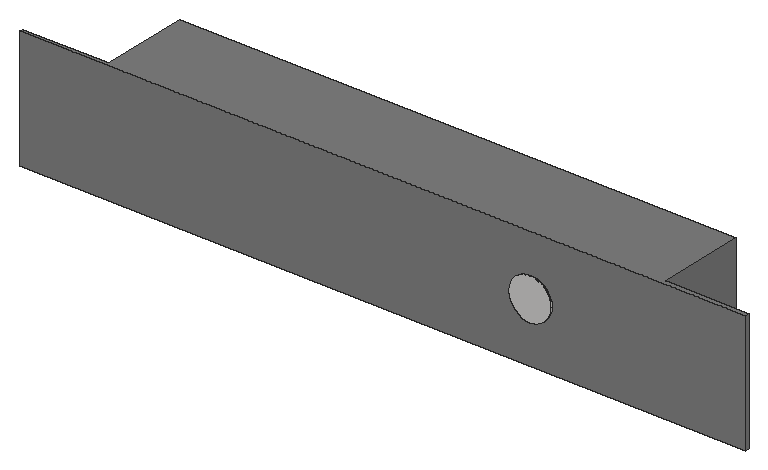
Revit family "800N", category Generic Models, Revit 2021
Family settings
  Can host rebar = No
  Round Connector Dimension = Use Diameter
  Part Type = Normal
  Work Plane-Based = No
  Always vertical = Yes
  Cut with Voids When Loaded = No
  Shared = No
  Room Calculation Point = No
Parameters
  e-mail = "info@vola.com"
  URL = "http://vola.com"
  Telephone = "+45 7023 5500"
  Quality management standard = "ISO 9001"
  Organisation no. / DUNS no. = "17531328"
  Occupational health and safety management standard = "ISO 18001"
  Mounting Instructions = "http://vola.com/service/producturl.ashx?name=800N"
  Model = "800N"
  Materials and components information = "http://vola.com/service/producturl.ashx?name=800N"
  Manufacturer = "VOLA A/S"
  Maintenance Instructions = "http://vola.com/service/producturl.ashx?name=800N"
  Guarantee = "2 years"
  Flow = "34,00 l/min"
  Environmental management standard = "ISO 14000"
  Default Elevation = 0.00 mm
  Connection - All relevant connections = ""
  Approvals = "http://vola.com/service/producturl.ashx?name=800N"
Reference planes
  plane 1 "Center (Front/Back)": y = 0
  plane 2: z = 0
  plane 3 "Center (Left/Right)": x = 0
  plane 4 "Inlet Center Plane": y = -23.5
  plane 5: z = 55.75
Forms (mm)
  Extrusion 1, solid, material "Default"
    sketch origin (0, 0, -13.25) x (1, 0, 0) y (0, 1, 0)
      loop
        line (-137.5, 0) -> (-137.5, -69) -> (298.5, -69) -> (298.5, 0) -> (-137.5, 0)
    from 21.5 to 116.5
  Extrusion 2, solid, material "Stainless Steel"
    sketch origin (51, 1.5, 8.25) x (0, 1, 0) y (1, 0, 0)
      loop
        circle (-25, -12) r 14
    from 0 to 8.25
  Extrusion 3, solid, material "Default"
    sketch origin (0, -1, -13.25) x (1, 0, 0) y (0, 1, 0)
      loop
        line (-205, -68) -> (-205, -70.5) -> (363.5, -70.5) -> (363.5, -68) -> (-205, -68)
    from 21.5 to 116.5
  Extrusion 4, solid, material "Stainless Steel"
    sketch origin (-27, 1.5, 8.25) x (0, 1, 0) y (1, 0, 0)
      loop
        circle (-25, -12) r 14
    from 0 to 8.25
  Extrusion 5, solid, material "Stainless Steel"
    sketch origin (55.5, -71.5, -2.25) x (-1, 0, 0) y (0, 0, -1)
      loop
        circle (-139.5, -58) r 16.5
    from 0 to 0.5
  Sweep 6, solid, material "Stainless Steel"
    path origin (117, -38, 1219.2) x (-0.99746, 0.071229, 0) y (0, 0, 1)
      loop
        arc (0, -1198.89) -> (-6.59, -1214.8) -> (-22.5, -1221.39) r 22.5
        line (-22.5, -1221.39) -> (-55.5, -1221.39)
        arc (-55.5, -1221.39) -> (-71.41, -1214.8) -> (-78, -1198.89) r 22.5
    profile origin (155.901, -40.778, -2.19) x (0, 0, -1) y (0.071229, 0.99746, 0)
      loop
        circle (0, 0) r 7.5
  Extrusion 7, void
    sketch origin (-80, -23.5, 1219.2) x (1, 0, 0) y (0, 0, 1)
      loop
        line (185.421, -1210.95) -> (285.421, -1210.95) -> (285.421, -1197.071) -> (185.421, -1197.071) -> (185.421, -1210.95)
    from 0 to 31.725
Cuts and joins
  Extrusion 7 cuts Sweep 6
  joined: Extrusion 1, Extrusion 3
Lines and regions (mm)
  reference lines
    curve 1: line (-39, -23.5, 55.75) -> (-39, -108.5, 55.75)
    curve 2: line (39, -23.5, 55.75) -> (39, -108.5, 55.75)
    curve 3: line (39, -23.5, 55.75) -> (39, -23.5, -43.25)
    curve 4: line (-39, -23.5, 55.75) -> (-39, -23.5, -43.25)
    curve 5: line (117, -38, 153.25) -> (117, -38, -41.75)
    curve 6: line (117, -23.5, 55.75) -> (117, -108.5, 55.75)
    curve 7: line (195, -23.5, 55.75) -> (195, -108.5, 55.75)
Dimensions and locks
  aligned and locked: plane 2 to level
  aligned and locked: plane 5 to curve 3
  aligned and locked: Extrusion 1 to Extrusion 3
  aligned and locked: Extrusion 3 to Extrusion 1
  aligned and locked: plane 5 to curve 4
